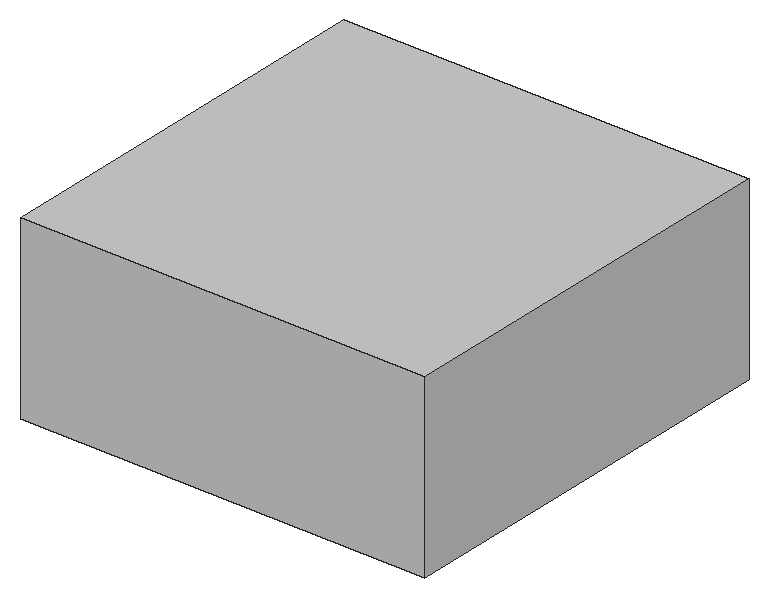
Revit family "f9d467f00d24471aa38684ab585649f2", category Structural Foundations, Revit 2021
Family settings
  Material for Model Behavior = Concrete
  Cap = No
  OmniClass Number = 23.25.05.11.11.27
  OmniClass Title = Pile Caps
  Seek Item ID = Pile Cap-Rectangular-0000-USA-ENU
  Work Plane-Based = No
  Always vertical = Yes
  Cut with Voids When Loaded = No
  Shared = No
Parameters (values of type "81" x 81" x 36"")
  Width = 6' - 9"
  Structural Material [instance] = Concrete, Cast-in-Place gray
  Length = 6' - 9"
  Foundation Thickness = 3' - 0"
  Assembly Code = "A1010100"
Types (3): name | Width | Length
  (no name) | 6' - 9" | 6' - 9"
  81" x 81" x 36" | 6' - 9" | 6' - 9"
  102" x 66" x 44" | 5' - 6" | 8' - 6"
Reference planes (in)
  plane 1 "Center (Front/Back)": y = 0
  plane 2: z = 0
  plane 3 "Center (Left/Right)": x = 0
  plane 4: x = -40.5
  plane 5: x = 40.5
  plane 6: y = 40.5
  plane 7: y = -40.5
Forms (in)
  Extrusion 1, solid, material "Concrete, Cast-in-Place gray" <- "Structural Material"
    sketch origin (0, 0, 0) x (1, 0, 0) y (0, 1, 0)
      loop
        line (-40.5, 40.5) -> (-40.5, -40.5) -> (40.5, -40.5) -> (40.5, 40.5) -> (-40.5, 40.5)
    from -36 to 0
Dimensions and locks (in)
  "Foundation Thickness": plane 2 to Extrusion 1
  "Width": plane 4 to plane 5
  "Length": plane 6 to plane 7
  equal spacing: plane 6, plane 1 "Center (Front/Back)", plane 7
  equal spacing: plane 4, plane 3 "Center (Left/Right)", plane 5
  aligned and locked: plane 4 to Extrusion 1 sketch curve
  aligned and locked: Extrusion 1 sketch curve to plane 5
  aligned and locked: Extrusion 1 sketch curve to plane 6
  aligned and locked: plane 7 to Extrusion 1 sketch curve
  aligned and locked: level to Extrusion 1
